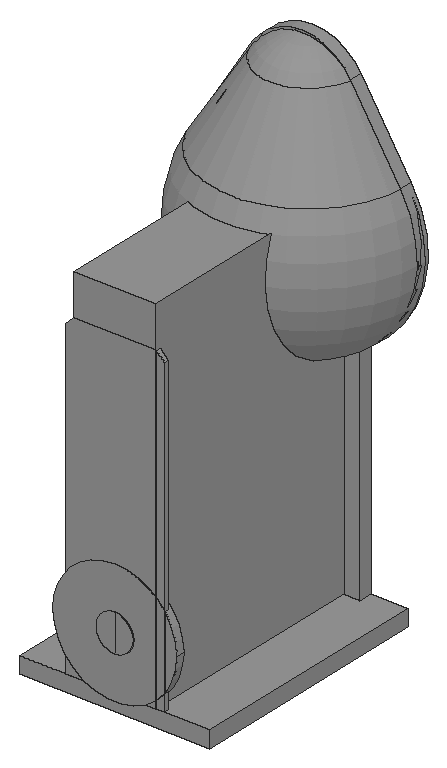
Revit family "Toilet-Willoughby-1490-TS-HET-ETF-FM-FA", category Plumbing Fixtures, host Face, Revit 2014
Parameters (values of type "Standard")
  Waste DIA = 2 1/4"
  Waste Connection = yes
  W-RAD [instance] = Waste DIA / 2  # 0' - 1 1/8"
  Vent Connection = no
  URL = "www.willoughby-ind.com"
  Type Comments = ""
  Revision = "A"
  Model = "ETF-1490-TS-HET-FM-FA"
  Manufacturer = "Willoughby Industries"
  HW Connection = no
  Flush inlet DIA = 1 1/2"
  Fixture Body = Stainless Steel AISI 304-Willoughby
  F-RAD [instance] = Flush inlet DIA / 2  # 0' - 0 3/4"
  Description = "Floor Mounted Toilet"
  Default Elevation = 0' - 0"
  Contact Number = "(800) 428-4065"
  CW Connection = yes
Reference planes (in)
  plane 1 "Base": y = -16.25
  plane 2: z = 0
  plane 3 "Center": x = 18.31072
  plane 4 "Waste height": y = -4.75
  plane 5: y = -1.25
  plane 6: z = -6.75
  plane 7: y = -2.125
  plane 8: y = -14.0625
  plane 9: y = 0.5
  plane 10: x = 16.56072
  plane 11: x = 20.06072
  plane 12: x = 11.56072
  plane 13: x = 25.06072
  plane 14: z = 23
  plane 15: z = 30.75
  plane 16: x = 15.81072
  plane 17: x = 20.81072
  plane 18: x = 15.81072
  plane 19: x = 20.81072
  plane 20: z = 4.25
  plane 21: x = 12.56072
  plane 22: x = 24.06072
  plane 23: z = 2.75
Forms (in)
  Extrusion 1, solid, material "Stainless Steel AISI 304-Willoughby" <- "Fixture Body"
    sketch origin (16.08109, 7.47968, -2.20225) x (-1, 0, 0) y (0, 0, -1)
      loop
        line (1.29775, -16.80087) -> (1.29775, -3.20225) -> (-5.72963, -3.20225) -> (-5.72963, -16.81676)
        arc (-5.72963, -16.81676) -> (-8.98136, -21.11843) -> (-8.21015, -26.45542) r 7
        line (-8.21015, -26.45542) -> (-5.16818, -31.31054)
        arc (-5.16818, -31.31054) -> (-2.20225, -32.95225) -> (0.76368, -31.31054) r 3.5
        line (0.76368, -31.31054) -> (3.80565, -26.45542)
        arc (3.80565, -26.45542) -> (4.5729, -21.10311) -> (1.29775, -16.80087) r 7
      loop
        arc (2.03989, -24.70557) -> (-2.20225, -18.23804) -> (-6.44438, -24.70557) r 4.625
        line (-6.44438, -24.70557) -> (-4.04125, -30.23842)
        arc (-4.04125, -30.23842) -> (-2.20225, -31.45225) -> (-0.36324, -30.23842) r 2
        line (-0.36324, -30.23842) -> (2.03989, -24.70557)
    from 8.72968 to 9.5
  Revolve 2, solid, material "Stainless Steel AISI 304-Willoughby" <- "Fixture Body"
    sketch origin (19.37246, -1.52032, 1.00169) x (-1, 0, 0) y (0, 0, -1)
      loop
        line (1.06174, -12.59906) -> (1.06174, -12.84906)
        arc (1.06174, -12.84906) -> (6.91177, -17.54136) -> (5.58904, -24.92315) r 7.34171
        line (5.58904, -24.92315) -> (3.81535, -27.91457)
        arc (3.81535, -27.91457) -> (2.63527, -29.03194) -> (1.06174, -29.43826) r 3.25
        line (1.06174, -29.43826) -> (1.06174, -29.68826)
        arc (1.06174, -29.68826) -> (2.75672, -29.25045) -> (4.02767, -28.04656) r 3.5
        line (4.02767, -28.04656) -> (7.06964, -23.19143)
        arc (7.06964, -23.19143) -> (7.15052, -16.14555) -> (1.06174, -12.59906) r 7
      axis (1.06174, -12.59906) -> (1.06174, -29.68826)
    angle from 0 to -180
  Extrusion 3, solid, material "Stainless Steel AISI 304-Willoughby" <- "Fixture Body"
    sketch origin (19.53334, -3.02032, -4.9508) x (0, 1, 0) y (0, 0, 1)
      loop
        line (-4.42257, 4.9508) -> (1.02643, 4.9508) -> (1.02643, 18.97156)
        arc (1.02643, 18.97156) -> (-2.31062, 20.32275) -> (-4.42257, 23.23845) r 6.52287
        line (-4.42257, 23.23845) -> (-4.42257, 4.9508)
    from 1.27686 to -3.72262
  Extrusion 4, solid, material "Stainless Steel AISI 304-Willoughby" <- "Fixture Body"
    sketch origin (0, -16.25, 0) x (1, 0, 0) y (0, 0, 1)
      loop
        line (24.06072, 0) -> (24.06072, 1) -> (12.56072, 1) -> (12.56072, 0) -> (24.06072, 0)
    from -15 to 0
  Extrusion 5, solid, material "Stainless Steel AISI 304-Willoughby" <- "Fixture Body"
    sketch origin (0, -16.25, 0) x (1, 0, 0) y (0, 0, 1)
      loop
        line (20.81072, 0) -> (20.81072, 23) -> (15.81072, 23) -> (15.81072, 0) -> (20.81072, 0)
    from 0 to -8.80711
  Revolve 6, solid, material "Stainless Steel AISI 304-Willoughby" <- "Fixture Body"
    sketch origin (18.31072, 0, 0) x (0, 1, 0) y (0, 0, 1)
      loop
        line (-16.25411, 4.25) -> (-14.75, 4.25) -> (-14.75, 5.375) -> (-16.25411, 5.375) -> (-16.25411, 4.25)
      axis (-14.75, 4.25) -> (-16.25411, 4.25)
    angle from 0 to 360
  Revolve 7, solid, material "Stainless Steel AISI 304-Willoughby" <- "Fixture Body"
    sketch origin (18.31072, 0, 0) x (0, 1, 0) y (0, 0, 1)
      loop
        line (-1.25508, 2.75) -> (-1.25508, 3.5) -> (-3, 3.5) -> (-3, 2.75) -> (-1.25508, 2.75)
      axis (-1.25508, 2.75) -> (-3, 2.75)
    angle from 0 to 360
  Extrusion 8, solid, material "Stainless Steel AISI 304-Willoughby" <- "Fixture Body"
    sketch origin (0, -16.25, 1.5) x (1, 0, 0) y (0, 0, 1)
      loop
        circle (18.31072, 2.75) r 3.75
    from 0 to -0.5
  Extrusion 9, solid, material "Stainless Steel AISI 304-Willoughby" <- "Fixture Body"
    sketch origin (0, -16.25, 0) x (1, 0, 0) y (0, 0, 1)
      loop
        line (20.81072, 1) -> (21.31072, 1) -> (21.31072, 20) -> (20.81072, 20.5) -> (15.81072, 20.5) -> (15.31072, 20) -> (15.31072, 1) -> (15.81072, 1) -> (20.81072, 1)
    from 0 to -0.25
Cuts and joins
  joined: Extrusion 1, Extrusion 3, Extrusion 4, Extrusion 5
Lines and regions (in)
  symbolic lines
    curve 1: line (24.06072, -16.25, 0) -> (12.56072, -16.25, 0)
    curve 2: line (11.28334, -2.02032, 0) -> (11.28334, -1.25, 0)
    curve 3: line (11.28334, -1.25, 0) -> (25.28334, -1.25, 0)
    curve 4: line (25.28334, -1.25, 0) -> (25.28334, -2.02032, 0)
    curve 5: arc (25.28334, -2.02032, 0) -> (23.07704, -6.644, 0) -> (18.31072, -8.52239, 0) r 6.99206
    curve 6: arc (18.31072, -8.52239, 0) -> (13.52313, -6.64818, 0) -> (11.28334, -2.02032, 0) r 7.04615
    curve 7: line (20.81072, -8.05932, 0) -> (20.81072, -16.25, 0)
    curve 8: line (15.81072, -8.06484, 0) -> (15.81072, -16.25, 0)
    curve 9: line (15.81072, -15.75, 0) -> (14.56072, -15.75, 0)
    curve 10: line (14.56072, -15.75, 0) -> (14.56072, -16.25, 0)
    curve 11: line (20.81072, -15.75, 0) -> (22.06072, -15.75, 0)
    curve 12: line (22.06072, -15.75, 0) -> (22.06072, -16.25, 0)
    curve 13: line (12.56072, -16.25, 0) -> (24.06072, -16.25, 0)
    curve 14: line (24.06072, -16.25, 0) -> (24.06072, -16.25, 1)
    curve 15: line (24.06072, -16.25, 1) -> (21.81072, -16.25, 1)
    curve 16: line (21.81072, -16.25, 1) -> (21.81072, -16.25, 14.61451)
    curve 17: arc (21.81072, -16.25, 14.61451) -> (25.05763, -16.25, 18.88201) -> (24.31862, -16.25, 24.19312) r 6.97865
    curve 18: line (24.29124, -16.25, 24.25317) -> (21.24927, -16.25, 29.1083)
    curve 19: arc (21.24927, -16.25, 29.1083) -> (18.28334, -16.25, 30.75) -> (15.31741, -16.25, 29.1083) r 3.5
    curve 20: line (15.31741, -16.25, 29.1083) -> (12.27544, -16.25, 24.25317)
    curve 21: arc (12.27544, -16.25, 24.25317) -> (11.4489, -16.25, 18.88546) -> (14.78334, -16.25, 14.59862) r 6.86091
    curve 22: line (14.78334, -16.25, 14.59862) -> (14.78334, -16.25, 1)
    curve 23: line (14.78334, -16.25, 1) -> (12.56072, -16.25, 1)
    curve 24: line (12.56072, -16.25, 1) -> (12.56072, -16.25, 0)
    curve 31: line (18.31072, -16.25, 0) -> (18.31072, -1.25, 0)
    curve 32: line (18.31072, -1.25, 0) -> (18.31072, -1.25, 30.75)
    curve 33: line (18.31072, -1.25, 30.75) -> (18.31072, -2.02032, 30.75)
    curve 34: arc (18.31072, -2.02032, 30.75) -> (18.31072, -3.38865, 30.16162) -> (18.31072, -4.44677, 29.11334) r 3.99917
    curve 35: line (18.31072, -4.44677, 29.11334) -> (18.31072, -7.52822, 24.19312)
    curve 36: arc (18.31072, -7.52822, 24.19312) -> (18.31072, -7.84319, 23.61371) -> (18.31072, -8.08458, 23) r 5.35678
    curve 37: line (18.31072, -7.59724, 23) -> (18.31072, -16.25, 23)
    curve 38: line (18.31072, -16.25, 23) -> (18.31072, -16.25, 0)
    curve 39: line (18.31072, -16.25, 1) -> (18.31072, -2.02032, 1)
    curve 40: line (18.31072, -2.02032, 1) -> (18.31072, -2.02032, 14.59862)
    curve 41: line (18.31072, -2.02032, 14.59862) -> (18.31072, -1.25, 14.59862)
    curve 42: arc (18.31072, -2.02032, 14.0236) -> (18.31072, -5.64664, 15.53589) -> (18.31072, -7.76566, 18.84451) r 6.58317
    curve 43: arc (18.31072, -7.76566, 18.84451) -> (18.31072, -8.03387, 20.93654) -> (18.31072, -7.59724, 23) r 6.30619
    curve 44: line (12.56072, -16.25, 0) -> (12.56072, -5.552, 0)
    curve 45: line (24.06072, -16.25, 0) -> (24.06072, -5.50532, 0)
  symbolic lines, detail levels fine
    curve 25: arc (14.78334, -16.25, 5.52282) -> (14.56072, -16.25, 4.25) -> (14.78334, -16.25, 2.97718) r 3.75
    curve 26: arc (21.81072, -16.25, 2.90371) -> (22.06072, -16.25, 4.25) -> (21.81072, -16.25, 5.59629) r 3.75
    curve 27: arc (20.11778, -16.25, 28.04676) -> (18.27757, -16.25, 29.24999) -> (16.44433, -16.25, 28.03617) r 2
    curve 28: line (16.44433, -16.25, 28.03617) -> (14.0412, -16.25, 22.50332)
    curve 29: arc (14.0412, -16.25, 22.50332) -> (18.28332, -16.25, 16.0358) -> (22.52548, -16.25, 22.5033) r 4.625
    curve 30: line (22.52548, -16.25, 22.5033) -> (20.11778, -16.25, 28.04676)
Dimensions and locks (in)
  plane 1 "Base" to plane 5 = 1' - 3"
  level to plane 15 = 2' - 6 3/4"
  plane 21 to plane 22 = 0' - 11 1/2"  (x2)
  plane 13 to plane 22 = 0' - 1"
  level to plane 20 = 0' - 4 1/4"
  plane 21 to plane 3 "Center" = 0' - 5 3/4"
  level to plane 23 = 0' - 2 3/4"
  plane 18 to plane 19 = 0' - 5"
  aligned and locked: plane 2 to host face
  aligned and locked: level to host face
Connectors (in)
  piping at (18.31072, -16.25411, 4.25), diameter 2.25, driven by "W-RAD", driven by "Waste Connection"
    settings: on Revolve 6, index 4, connector inside diameter 24", connector length 0' - 0", flow factor 0, pipe flow 0 GPM, pressure drop 0.00 psi, fitting loss kfactor 0, connector angle 0.00°, fixture units 0, engagement length 0' - 0", angle of deflection 0.00°, flow configuration 0, flow direction 2, fitting loss method 0, system type 16, joint type 0, gender type 0, connector reference index -1, connector utility 1, adjustable connector no, is connector primary yes, connector description "Toilet Waste"
  piping at (18.31072, -1.25508, 2.75), diameter 1.5, driven by "F-RAD", driven by "CW Connection"
    settings: on Revolve 7, index 5, connector inside diameter 24", connector length 0' - 0", flow factor 0, pipe flow 0 GPM, pressure drop 0.00 psi, fitting loss kfactor 0, connector angle 0.00°, fixture units 0, engagement length 0' - 0", angle of deflection 0.00°, flow configuration 0, flow direction 1, fitting loss method 0, system type 20, joint type 0, gender type 0, connector reference index -1, connector utility 1, adjustable connector no, is connector primary no, connector description "Flush Inlet"
